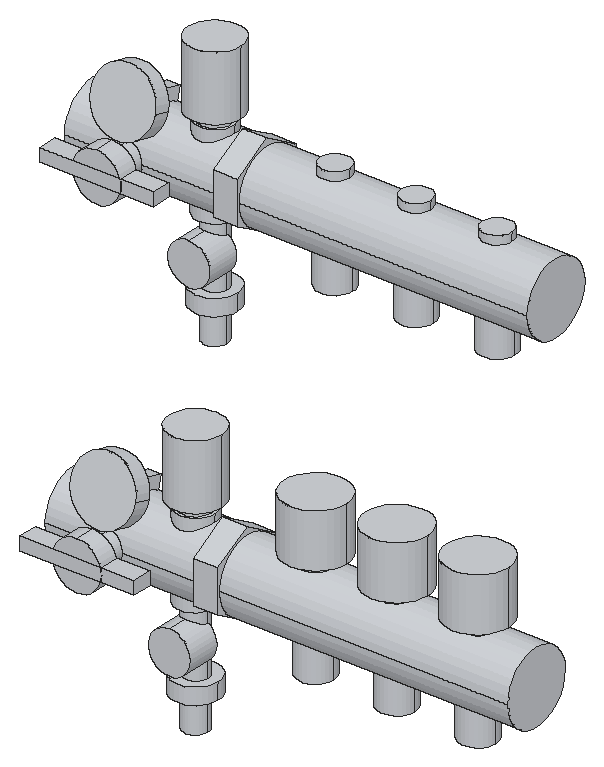
Revit family "318_dba5bdd3bf904ccfaea6eb69f10d75", category Pipe Accessories, Revit 2017
Family settings
  Round Connector Dimension = Use Diameter
  Part Type = Valve - Normal
  Work Plane-Based = No
  Always vertical = Yes
  Cut with Voids When Loaded = No
  Shared = No
Parameters (values of type "R553DK103")
  magi_piping_qv_2_3 [instance] = 0.0 L/s
  magi_piping_qv_2_2 [instance] = 0.0 L/s
  magi_piping_qv_2_1 [instance] = 0.0 L/s
  magi_piping_qv_1_3 [instance] = 0.0 L/s
  magi_piping_qv_1_2 [instance] = 0.0 L/s
  magi_piping_qv_1_1 [instance] = 0.0 L/s
  magi_piping_qv [instance] = 0.0 L/s
  magi_piping_power_3 [instance] = 0 W
  magi_piping_power_2 [instance] = 0 W
  magi_piping_power_1 [instance] = 0 W
  magi_piping_kv_3 [instance] = 0
  magi_piping_kv_2 [instance] = 0
  magi_piping_kv_1 [instance] = 0
  magi_piping_dpTot_3 [instance] = 0.0 Pa
  magi_piping_dpTot_2 [instance] = 0.0 Pa
  magi_piping_dpTot_1 [instance] = 0.0 Pa
  magi_adjustmentValue_3 [instance] = ""
  magi_adjustmentValue_2 [instance] = ""
  magi_adjustmentValue_1 [instance] = ""
  magiProductId = "dba5bdd3bf904ccfaea6eb69f10d75"
  magiProductFamilyId = "dba5bdd3bf904ccfaea6eb69f10d75"
  magiProductCode = "R553DK103"
  magiPartTypeId = 318
  Y = 15 mm
  VersionID = "2.0/2016.10.37.0/GIACOMINI_R553DK_001"
  URL = "http://www.giacomini.com/en"
  SMP = 25 mm
  SBP9 = 18 mm
  SBP8 = 18 mm
  SBP7 = 18 mm
  SBP6 = 18 mm
  SBP5 = 18 mm
  SBP4 = 18 mm
  SBP3 = 18 mm
  SBP2 = 18 mm
  SBP12 = 18 mm
  SBP11 = 18 mm
  SBP10 = 18 mm
  SBP1 = 18 mm
  RMP = 25 mm
  RBP9 = 18 mm
  RBP8 = 18 mm
  RBP7 = 18 mm
  RBP6 = 18 mm
  RBP5 = 18 mm
  RBP4 = 18 mm
  RBP3 = 18 mm
  RBP2 = 18 mm
  RBP12 = 18 mm
  RBP11 = 18 mm
  RBP10 = 18 mm
  RBP1 = 18 mm
  R2 = 22 mm
  QmdConnectorList = "321;SMP;322;SBP1;323;SBP2;324;SBP3;351;RMP;352;RBP1;353;RBP2;354;RBP3"
  Productdata [instance] = "© Progman Oy, all rights reserved"
  N9 = no
  N8 = no
  N7 = no
  N6 = no
  N5 = no
  N4 = no
  N3 = yes
  N12 = no
  N11 = no
  N10 = no
  Manufacturer = "Giacomini"
  MC_Default_elevation = 0 mm
  L = 285 mm
  I = 50 mm
  H5 = 33 mm
  H4 = 5 mm
  H3__ve = -H3  # -40 mm
  H3 = 40 mm
  H11 = 5 mm
  Flow supply main [instance] = Flow supply 1 + Flow supply 2 + Flow supply 3  # 0.0 L/s
  Flow supply 3 [instance] = 0.0 L/s
  Flow supply 2 [instance] = 0.0 L/s
  Flow supply 1 [instance] = 0.0 L/s
  Flow return main [instance] = Flow return 1 + Flow return 2 + Flow return 3  # 0.0 L/s
  Flow return 3 [instance] = 0.0 L/s
  Flow return 2 [instance] = 0.0 L/s
  Flow return 1 [instance] = 0.0 L/s
  E = 208 mm
  Description = "PREASSEMBLED MANIFOLD KIT"
  D5 = 38 mm
  D4 = 22 mm
  D31 = 18 mm
  D2 = 44 mm
  CAT0 = yes
  A = 149 mm
Reference planes
  plane 1 "Center (Front/Back)": y = 0
  plane 2 "XYPLANE": z = 0
  plane 3 "Center (Left/Right)": x = 0
  plane 4 "INIT_TEMP": y = 100
  plane 5 "379": x = 699
  plane 6 "378": x = 649
  plane 7 "377": x = 599
  plane 8 "376": x = 549
  plane 9 "375": x = 499
  plane 10 "374": x = 449
  plane 11 "373": x = 399
  plane 12 "372": x = 349
  plane 13 "371": x = 299
  plane 14 "369": x = 249
  plane 15 "368": x = 199
  plane 16 "367": x = 149
  plane 17 "366": z = 22
  plane 18 "365": z = 0
  plane 19 "364": z = -208
  plane 20 "363": y = -15
  plane 21 "362": y = 0
  plane 22 "361": x = 0
  plane 23 "360": z = -40
  plane 24 "359": z = -186
  plane 25 "358": z = -181
  plane 26 "357": z = -248
  plane 27 "356": x = 75
  plane 28 "355": z = 26
  plane 29 "354": x = 92
  plane 30 "353": z = 31
  plane 31 "352": z = -26
  plane 32 "351": z = -46
  plane 33 "350": z = -66
  plane 34 "349": z = 30
  plane 35 "348": x = 38
  plane 36 "347": y = -33
  plane 37 "346": z = 30
  plane 38 "345": y = -15
  plane 39 "344": z = -182
  plane 40 "343": z = -177
  plane 41 "342": z = -234
  plane 42 "341": z = -254
  plane 43 "340": z = -274
  plane 44 "339": z = -178
  plane 45 "338": y = -30
  plane 46 "337": z = -178
  plane 47 "336": y = -48
  plane 48 "1055": through (-712, 0, 30) normal (0, 0.2588, 0.9659)
  plane 49 "1056": through (-712, -15, 30) normal (0, -0.9659, 0.2588)
  plane 50 "1057": through (-712, -30, -178) normal (0, 0.9659, -0.2588)
  plane 51 "1058": through (-712, -15, -178) normal (0, -0.2588, -0.9659)
Forms (mm)
  Extrusion 1, solid, visible <- "N12"
    sketch origin (-750, 0, 22) x (1, 0, 0) y (0, 1, 0)
      loop
        circle (1449, 0) r 9
    from 0 to 5 <- "H11"
  Extrusion 2, solid, visible <- "N11"
    sketch origin (-750, 0, 22) x (1, 0, 0) y (0, 1, 0)
      loop
        circle (1399, 0) r 9
    from 0 to 5 <- "H11"
  Extrusion 3, solid, visible <- "N9"
    sketch origin (-750, 0, 22) x (1, 0, 0) y (0, 1, 0)
      loop
        circle (1299, 0) r 9
    from 0 to 5 <- "H11"
  Extrusion 4, solid, visible <- "N10"
    sketch origin (-750, 0, 22) x (1, 0, 0) y (0, 1, 0)
      loop
        circle (1349, 0) r 9
    from 0 to 5 <- "H11"
  Extrusion 5, solid, visible <- "N8"
    sketch origin (-750, 0, 22) x (1, 0, 0) y (0, 1, 0)
      loop
        circle (1249, 0) r 9
    from 0 to 5 <- "H11"
  Extrusion 6, solid, visible <- "N7"
    sketch origin (-750, 0, 22) x (1, 0, 0) y (0, 1, 0)
      loop
        circle (1199, 0) r 9
    from 0 to 5 <- "H11"
  Extrusion 7, solid, visible <- "N6"
    sketch origin (-750, 0, 22) x (1, 0, 0) y (0, 1, 0)
      loop
        circle (1149, 0) r 9
    from 0 to 5 <- "H11"
  Extrusion 8, solid, visible <- "N5"
    sketch origin (-750, 0, 22) x (1, 0, 0) y (0, 1, 0)
      loop
        circle (1099, 0) r 9
    from 0 to 5 <- "H11"
  Extrusion 9, solid, visible <- "N4"
    sketch origin (-750, 0, 22) x (1, 0, 0) y (0, 1, 0)
      loop
        circle (1049, 0) r 9
    from 0 to 5 <- "H11"
  Extrusion 10, solid, visible <- "N3"
    sketch origin (-750, 0, 22) x (1, 0, 0) y (0, 1, 0)
      loop
        circle (999, 0) r 9
    from 0 to 5 <- "H11"
  Extrusion 11, solid
    sketch origin (-750, 0, 22) x (1, 0, 0) y (0, 1, 0)
      loop
        circle (949, 0) r 9
    from 0 to 5 <- "H11"
  Extrusion 12, solid
    sketch origin (-750, 0, 22) x (1, 0, 0) y (0, 1, 0)
      loop
        circle (899, 0) r 9
    from 0 to 5 <- "H11"
  Extrusion 13, solid, visible <- "CAT0"
    sketch origin (0, -750, 0) x (0, 1, 0) y (0, 0, 1)
      loop
        circle (750, 0) r 22
    from 0 to 285 <- "L"
  Extrusion 14, solid
    sketch origin (-750, 0, 0) x (1, 0, 0) y (0, 1, 0)
      loop
        circle (899, 0) r 11
    from 0 to -40 <- "H3__ve"
  Extrusion 15, solid
    sketch origin (-750, 0, 0) x (1, 0, 0) y (0, 1, 0)
      loop
        circle (949, 0) r 11
    from 0 to -40 <- "H3__ve"
  Extrusion 16, solid, visible <- "N3"
    sketch origin (-750, 0, 0) x (1, 0, 0) y (0, 1, 0)
      loop
        circle (999, 0) r 11
    from 0 to -40 <- "H3__ve"
  Extrusion 17, solid, visible <- "N4"
    sketch origin (-750, 0, 0) x (1, 0, 0) y (0, 1, 0)
      loop
        circle (1049, 0) r 11
    from 0 to -40 <- "H3__ve"
  Extrusion 18, solid, visible <- "N5"
    sketch origin (-750, 0, 0) x (1, 0, 0) y (0, 1, 0)
      loop
        circle (1099, 0) r 11
    from 0 to -40 <- "H3__ve"
  Extrusion 19, solid, visible <- "N6"
    sketch origin (-750, 0, 0) x (1, 0, 0) y (0, 1, 0)
      loop
        circle (1149, 0) r 11
    from 0 to -40 <- "H3__ve"
  Extrusion 20, solid, visible <- "N7"
    sketch origin (-750, 0, 0) x (1, 0, 0) y (0, 1, 0)
      loop
        circle (1199, 0) r 11
    from 0 to -40 <- "H3__ve"
  Extrusion 21, solid, visible <- "N12"
    sketch origin (-750, 0, 0) x (1, 0, 0) y (0, 1, 0)
      loop
        circle (1449, 0) r 11
    from 0 to -40 <- "H3__ve"
  Extrusion 22, solid, visible <- "N11"
    sketch origin (-750, 0, 0) x (1, 0, 0) y (0, 1, 0)
      loop
        circle (1399, 0) r 11
    from 0 to -40 <- "H3__ve"
  Extrusion 23, solid, visible <- "N10"
    sketch origin (-750, 0, 0) x (1, 0, 0) y (0, 1, 0)
      loop
        circle (1349, 0) r 11
    from 0 to -40 <- "H3__ve"
  Extrusion 24, solid, visible <- "N9"
    sketch origin (-750, 0, 0) x (1, 0, 0) y (0, 1, 0)
      loop
        circle (1299, 0) r 11
    from 0 to -40 <- "H3__ve"
  Extrusion 25, solid, visible <- "N8"
    sketch origin (-750, 0, 0) x (1, 0, 0) y (0, 1, 0)
      loop
        circle (1249, 0) r 11
    from 0 to -40 <- "H3__ve"
  Extrusion 26, solid, visible <- "CAT0"
    sketch origin (0, -750, 0) x (0, 1, 0) y (0, 0, 1)
      loop
        circle (735, -208) r 22
    from 0 to 285 <- "L"
  Extrusion 27, solid
    sketch origin (-750, 0, -208) x (1, 0, 0) y (0, 1, 0)
      loop
        circle (949, -15) r 11
    from 0 to -40 <- "H3__ve"
  Extrusion 28, solid
    sketch origin (-750, 0, -208) x (1, 0, 0) y (0, 1, 0)
      loop
        circle (899, -15) r 11
    from 0 to -40 <- "H3__ve"
  Extrusion 29, solid, visible <- "N3"
    sketch origin (-750, 0, -208) x (1, 0, 0) y (0, 1, 0)
      loop
        circle (999, -15) r 11
    from 0 to -40 <- "H3__ve"
  Extrusion 30, solid
    sketch origin (-750, 0, -186) x (1, 0, 0) y (0, 1, 0)
      loop
        circle (899, -15) r 11
    from 0 to 5 <- "H4"
  Extrusion 31, solid
    sketch origin (-750, 0, -181) x (1, 0, 0) y (0, 1, 0)
      loop
        circle (899, -15) r 19
    from 0 to 33 <- "H5"
  Extrusion 32, solid
    sketch origin (-750, 0, -181) x (1, 0, 0) y (0, 1, 0)
      loop
        circle (949, -15) r 19
    from 0 to 33 <- "H5"
  Extrusion 33, solid
    sketch origin (-750, 0, -186) x (1, 0, 0) y (0, 1, 0)
      loop
        circle (949, -15) r 11
    from 0 to 5 <- "H4"
  Extrusion 34, solid, visible <- "N3"
    sketch origin (-750, 0, -186) x (1, 0, 0) y (0, 1, 0)
      loop
        circle (999, -15) r 11
    from 0 to 5 <- "H4"
  Extrusion 35, solid, visible <- "N3"
    sketch origin (-750, 0, -181) x (1, 0, 0) y (0, 1, 0)
      loop
        circle (999, -15) r 19
    from 0 to 33 <- "H5"
  Extrusion 36, solid, visible <- "N4"
    sketch origin (-750, 0, -181) x (1, 0, 0) y (0, 1, 0)
      loop
        circle (1049, -15) r 19
    from 0 to 33 <- "H5"
  Extrusion 37, solid, visible <- "N4"
    sketch origin (-750, 0, -186) x (1, 0, 0) y (0, 1, 0)
      loop
        circle (1049, -15) r 11
    from 0 to 5 <- "H4"
  Extrusion 38, solid, visible <- "N4"
    sketch origin (-750, 0, -208) x (1, 0, 0) y (0, 1, 0)
      loop
        circle (1049, -15) r 11
    from 0 to -40 <- "H3__ve"
  Extrusion 39, solid, visible <- "N5"
    sketch origin (-750, 0, -208) x (1, 0, 0) y (0, 1, 0)
      loop
        circle (1099, -15) r 11
    from 0 to -40 <- "H3__ve"
  Extrusion 40, solid, visible <- "N5"
    sketch origin (-750, 0, -186) x (1, 0, 0) y (0, 1, 0)
      loop
        circle (1099, -15) r 11
    from 0 to 5 <- "H4"
  Extrusion 41, solid, visible <- "N5"
    sketch origin (-750, 0, -181) x (1, 0, 0) y (0, 1, 0)
      loop
        circle (1099, -15) r 19
    from 0 to 33 <- "H5"
  Extrusion 42, solid, visible <- "N6"
    sketch origin (-750, 0, -181) x (1, 0, 0) y (0, 1, 0)
      loop
        circle (1149, -15) r 19
    from 0 to 33 <- "H5"
  Extrusion 43, solid, visible <- "N6"
    sketch origin (-750, 0, -186) x (1, 0, 0) y (0, 1, 0)
      loop
        circle (1149, -15) r 11
    from 0 to 5 <- "H4"
  Extrusion 44, solid, visible <- "N6"
    sketch origin (-750, 0, -208) x (1, 0, 0) y (0, 1, 0)
      loop
        circle (1149, -15) r 11
    from 0 to -40 <- "H3__ve"
  Extrusion 45, solid, visible <- "N7"
    sketch origin (-750, 0, -208) x (1, 0, 0) y (0, 1, 0)
      loop
        circle (1199, -15) r 11
    from 0 to -40 <- "H3__ve"
  Extrusion 46, solid, visible <- "N7"
    sketch origin (-750, 0, -186) x (1, 0, 0) y (0, 1, 0)
      loop
        circle (1199, -15) r 11
    from 0 to 5 <- "H4"
  Extrusion 47, solid, visible <- "N7"
    sketch origin (-750, 0, -181) x (1, 0, 0) y (0, 1, 0)
      loop
        circle (1199, -15) r 19
    from 0 to 33 <- "H5"
  Extrusion 48, solid, visible <- "N9"
    sketch origin (-750, 0, -181) x (1, 0, 0) y (0, 1, 0)
      loop
        circle (1299, -15) r 19
    from 0 to 33 <- "H5"
  Extrusion 49, solid, visible <- "N9"
    sketch origin (-750, 0, -186) x (1, 0, 0) y (0, 1, 0)
      loop
        circle (1299, -15) r 11
    from 0 to 5 <- "H4"
  Extrusion 50, solid, visible <- "N9"
    sketch origin (-750, 0, -208) x (1, 0, 0) y (0, 1, 0)
      loop
        circle (1299, -15) r 11
    from 0 to -40 <- "H3__ve"
  Extrusion 51, solid, visible <- "N8"
    sketch origin (-750, 0, -208) x (1, 0, 0) y (0, 1, 0)
      loop
        circle (1249, -15) r 11
    from 0 to -40 <- "H3__ve"
  Extrusion 52, solid, visible <- "N8"
    sketch origin (-750, 0, -186) x (1, 0, 0) y (0, 1, 0)
      loop
        circle (1249, -15) r 11
    from 0 to 5 <- "H4"
  Extrusion 53, solid, visible <- "N8"
    sketch origin (-750, 0, -181) x (1, 0, 0) y (0, 1, 0)
      loop
        circle (1249, -15) r 19
    from 0 to 33 <- "H5"
  Extrusion 54, solid, visible <- "N11"
    sketch origin (-750, 0, -181) x (1, 0, 0) y (0, 1, 0)
      loop
        circle (1399, -15) r 19
    from 0 to 33 <- "H5"
  Extrusion 55, solid, visible <- "N11"
    sketch origin (-750, 0, -186) x (1, 0, 0) y (0, 1, 0)
      loop
        circle (1399, -15) r 11
    from 0 to 5 <- "H4"
  Extrusion 56, solid, visible <- "N11"
    sketch origin (-750, 0, -208) x (1, 0, 0) y (0, 1, 0)
      loop
        circle (1399, -15) r 11
    from 0 to -40 <- "H3__ve"
  Extrusion 57, solid, visible <- "N12"
    sketch origin (-750, 0, -208) x (1, 0, 0) y (0, 1, 0)
      loop
        circle (1449, -15) r 11
    from 0 to -40 <- "H3__ve"
  Extrusion 58, solid, visible <- "N12"
    sketch origin (-750, 0, -186) x (1, 0, 0) y (0, 1, 0)
      loop
        circle (1449, -15) r 11
    from 0 to 5 <- "H4"
  Extrusion 59, solid, visible <- "N12"
    sketch origin (-750, 0, -181) x (1, 0, 0) y (0, 1, 0)
      loop
        circle (1449, -15) r 19
    from 0 to 33 <- "H5"
  Extrusion 60, solid, visible <- "N10"
    sketch origin (-750, 0, -181) x (1, 0, 0) y (0, 1, 0)
      loop
        circle (1349, -15) r 19
    from 0 to 33 <- "H5"
  Extrusion 61, solid, visible <- "N10"
    sketch origin (-750, 0, -186) x (1, 0, 0) y (0, 1, 0)
      loop
        circle (1349, -15) r 11
    from 0 to 5 <- "H4"
  Extrusion 62, solid, visible <- "N10"
    sketch origin (-750, 0, -208) x (1, 0, 0) y (0, 1, 0)
      loop
        circle (1349, -15) r 11
    from 0 to -40 <- "H3__ve"
  Extrusion 63, solid
    sketch origin (-750, 0, 26) x (1, 0, 0) y (0, 1, 0)
      loop
        circle (825, 0) r 12
    from 0 to -52
  Extrusion 64, solid
    sketch origin (92, -750, 0) x (0, 1, 0) y (0, 0, 1)
      loop
        line (750, 26) -> (727.483, 13) -> (727.483, -13) -> (750, -26) -> (772.517, -13) -> (772.517, 13) -> (750, 26)
    from 0 to 15
  Extrusion 65, solid
    sketch origin (-750, 0, 26) x (1, 0, 0) y (0, 1, 0)
      loop
        circle (825, 0) r 10
    from 0 to 5
  Extrusion 66, solid
    sketch origin (-750, 0, 31) x (1, 0, 0) y (0, 1, 0)
      loop
        circle (825, 0) r 16
    from 0 to 40
  Extrusion 67, solid
    sketch origin (-750, 0, -26) x (1, 0, 0) y (0, 1, 0)
      loop
        circle (825, 0) r 7.5
    from 0 to -70
  Extrusion 68, solid
    sketch origin (750, 0, 0) x (-1, 0, 0) y (0, 0, 1)
      loop
        circle (675, -46) r 13
    from 0 to -20
  Extrusion 69, solid
    sketch origin (-750, 0, -66) x (1, 0, 0) y (0, 1, 0)
      loop
        circle (825, 0) r 14
    from 0 to -10
  Extrusion 70, solid
    sketch origin (750, -33, 0) x (-1, 0, 0) y (0, 0, 1)
      loop
        circle (712, 0) r 15
    from 0 to -12
  Extrusion 71, solid
    sketch origin (-712, 0, 30) x (1, 0, 0) y (0, 0.965926, -0.258819)
      loop
        line (746, 15) -> (746, -15) -> (754, -15) -> (754, 15) -> (746, 15)
    from 0 to -18
  Extrusion 72, solid
    sketch origin (750, 0, 0) x (-1, 0, 0) y (0, 0, 1)
      loop
        circle (712, 0) r 9
    from 0 to -33
  Extrusion 73, solid
    sketch origin (750, -33, 0) x (-1, 0, 0) y (0, 0, 1)
      loop
        line (677, 4) -> (677, -4) -> (747, -4) -> (747, 4) -> (677, 4)
    from 0 to -12
  Extrusion 74, solid
    sketch origin (-712, -15, 30) x (1, 0, 0) y (0, 0.258819, 0.965926)
      loop
        circle (750, 0) r 20
    from 0 to 10
  Extrusion 75, solid
    sketch origin (-750, 0, -274) x (1, 0, 0) y (0, 1, 0)
      loop
        circle (825, -15) r 14
    from 0 to -10
  Extrusion 76, solid
    sketch origin (750, -15, 0) x (-1, 0, 0) y (0, 0, 1)
      loop
        circle (675, -254) r 13
    from 0 to -20
  Extrusion 77, solid
    sketch origin (-750, 0, -234) x (1, 0, 0) y (0, 1, 0)
      loop
        circle (825, -15) r 7.5
    from 0 to -70
  Extrusion 78, solid
    sketch origin (-750, 0, -177) x (1, 0, 0) y (0, 1, 0)
      loop
        circle (825, -15) r 16
    from 0 to 40
  Extrusion 79, solid
    sketch origin (-750, 0, -182) x (1, 0, 0) y (0, 1, 0)
      loop
        circle (825, -15) r 10
    from 0 to 5
  Extrusion 80, solid
    sketch origin (92, -750, 0) x (0, 1, 0) y (0, 0, 1)
      loop
        line (735, -182) -> (712.483, -195) -> (712.483, -221) -> (735, -234) -> (757.517, -221) -> (757.517, -195) -> (735, -182)
    from 0 to 15
  Extrusion 81, solid
    sketch origin (-750, 0, -182) x (1, 0, 0) y (0, 1, 0)
      loop
        circle (825, -15) r 12
    from 0 to -52
  Extrusion 82, solid
    sketch origin (-712, -30, -178) x (1, 0, 0) y (0, -0.258819, -0.965926)
      loop
        circle (750, 0) r 20
    from 0 to -10
  Extrusion 83, solid
    sketch origin (750, -48, 0) x (-1, 0, 0) y (0, 0, 1)
      loop
        line (677, -204) -> (677, -212) -> (747, -212) -> (747, -204) -> (677, -204)
    from 0 to -12
  Extrusion 84, solid
    sketch origin (750, -15, 0) x (-1, 0, 0) y (0, 0, 1)
      loop
        circle (712, -208) r 9
    from 0 to -33
  Extrusion 85, solid
    sketch origin (-712, -15, -178) x (1, 0, 0) y (0, -0.965926, 0.258819)
      loop
        line (746, -15) -> (754, -15) -> (754, 15) -> (746, 15) -> (746, -15)
    from 0 to 18
  Extrusion 86, solid
    sketch origin (750, -48, 0) x (-1, 0, 0) y (0, 0, 1)
      loop
        circle (712, -208) r 15
    from 0 to -12
  Extrusion 87, solid, not visible
    sketch origin (-750, 0, -40) x (1, 0, 0) y (0, 1, 0)
      loop
        circle (949, 0) r 10
    from 0 to 10
  Extrusion 88, solid, not visible
    sketch origin (-750, 0, -40) x (1, 0, 0) y (0, 1, 0)
      loop
        circle (899, 0) r 10
    from 0 to 10
  Extrusion 89, solid, not visible
    sketch origin (0, -750, 0) x (0, 1, 0) y (0, 0, 1)
      loop
        circle (735, -208) r 10
    from 0 to 10
  Extrusion 90, solid, not visible
    sketch origin (0, -750, 0) x (0, 1, 0) y (0, 0, 1)
      loop
        circle (750, 0) r 10
    from 0 to 10
  Extrusion 91, solid, not visible
    sketch origin (-750, 0, -40) x (1, 0, 0) y (0, 1, 0)
      loop
        circle (999, 0) r 10
    from 0 to 10
  Extrusion 92, solid, not visible
    sketch origin (-750, 0, -248) x (1, 0, 0) y (0, 1, 0)
      loop
        circle (999, -15) r 10
    from 0 to 10
  Extrusion 93, solid, not visible
    sketch origin (-750, 0, -248) x (1, 0, 0) y (0, 1, 0)
      loop
        circle (899, -15) r 10
    from 0 to 10
  Extrusion 94, solid, not visible
    sketch origin (-750, 0, -248) x (1, 0, 0) y (0, 1, 0)
      loop
        circle (949, -15) r 10
    from 0 to 10
Text (mm)
  text "© Progman Oy, all rights reserved" at (-472.209, -2482.653, 0), in view "Ref. Level"
Dimensions and locks
  plane 4 "INIT_TEMP" to plane 1 "Center (Front/Back)" = 100 mm
  "I": plane 6 "378" to plane 5 "379"
  "I": plane 7 "377" to plane 6 "378"
  "I": plane 8 "376" to plane 7 "377"
  "I": plane 9 "375" to plane 8 "376"
  "I": plane 10 "374" to plane 9 "375"
  "I": plane 11 "373" to plane 10 "374"
  "I": plane 12 "372" to plane 11 "373"
  "I": plane 13 "371" to plane 12 "372"
  "I": plane 14 "369" to plane 13 "371"
  "I": plane 15 "368" to plane 14 "369"
  "I": plane 16 "367" to plane 15 "368"
  "A": plane 3 "Center (Left/Right)" to plane 16 "367"
  "R2": plane 2 "XYPLANE" to plane 17 "366"
  locked: plane 2 "XYPLANE" to plane 18 "365"
  "E": plane 2 "XYPLANE" to plane 19 "364"
  "Y": plane 1 "Center (Front/Back)" to plane 20 "363"
  locked: plane 1 "Center (Front/Back)" to plane 21 "362"
  locked: plane 3 "Center (Left/Right)" to plane 22 "361"
  "H3": plane 2 "XYPLANE" to plane 23 "360"
  "R2": plane 19 "364" to plane 24 "359"
  "H4": plane 24 "359" to plane 25 "358"
  "H3": plane 19 "364" to plane 26 "357"
  locked: plane 3 "Center (Left/Right)" to plane 27 "356" at 75
  locked: plane 2 "XYPLANE" to plane 28 "355" at 26
  locked: plane 27 "356" to plane 29 "354" at 17
  locked: plane 28 "355" to plane 30 "353" at 5
  locked: plane 28 "355" to plane 31 "352" at 52
  locked: plane 31 "352" to plane 32 "351" at 20
  locked: plane 31 "352" to plane 33 "350" at 40
  locked: plane 2 "XYPLANE" to plane 34 "349" at 30
  locked: plane 3 "Center (Left/Right)" to plane 35 "348" at 38
  locked: plane 1 "Center (Front/Back)" to plane 36 "347" at 33
  locked: plane 2 "XYPLANE" to plane 37 "346" at 30
  locked: plane 1 "Center (Front/Back)" to plane 38 "345" at 15
  locked: plane 19 "364" to plane 39 "344" at 26
  locked: plane 39 "344" to plane 40 "343" at 5
  locked: plane 39 "344" to plane 41 "342" at 52
  locked: plane 41 "342" to plane 42 "341" at 20
  locked: plane 41 "342" to plane 43 "340" at 40
  locked: plane 19 "364" to plane 44 "339" at 30
  locked: plane 20 "363" to plane 45 "338" at 15
  locked: plane 19 "364" to plane 46 "337" at 30
  locked: plane 20 "363" to plane 47 "336" at 33
  "D31": diameter of Extrusion 1 sketch curve
  "D31": diameter of Extrusion 2 sketch curve
  "D31": diameter of Extrusion 3 sketch curve
  "D31": diameter of Extrusion 4 sketch curve
  "D31": diameter of Extrusion 5 sketch curve
  "D31": diameter of Extrusion 6 sketch curve
  "D31": diameter of Extrusion 7 sketch curve
  "D31": diameter of Extrusion 8 sketch curve
  "D31": diameter of Extrusion 9 sketch curve
  "D31": diameter of Extrusion 10 sketch curve
  "D31": diameter of Extrusion 11 sketch curve
  "D31": diameter of Extrusion 12 sketch curve
  "D2": diameter of Extrusion 13 sketch curve
  "D4": diameter of Extrusion 14 sketch curve
  "D4": diameter of Extrusion 15 sketch curve
  "D4": diameter of Extrusion 16 sketch curve
  "D4": diameter of Extrusion 17 sketch curve
  "D4": diameter of Extrusion 18 sketch curve
  "D4": diameter of Extrusion 19 sketch curve
  "D4": diameter of Extrusion 20 sketch curve
  "D4": diameter of Extrusion 21 sketch curve
  "D4": diameter of Extrusion 22 sketch curve
  "D4": diameter of Extrusion 23 sketch curve
  "D4": diameter of Extrusion 24 sketch curve
  "D4": diameter of Extrusion 25 sketch curve
  "D2": diameter of Extrusion 26 sketch curve
  "D4": diameter of Extrusion 27 sketch curve
  "D4": diameter of Extrusion 28 sketch curve
  "D4": diameter of Extrusion 29 sketch curve
  "D4": diameter of Extrusion 30 sketch curve
  "D5": diameter of Extrusion 31 sketch curve
  "D5": diameter of Extrusion 32 sketch curve
  "D4": diameter of Extrusion 33 sketch curve
  "D4": diameter of Extrusion 34 sketch curve
  "D5": diameter of Extrusion 35 sketch curve
  "D5": diameter of Extrusion 36 sketch curve
  "D4": diameter of Extrusion 37 sketch curve
  "D4": diameter of Extrusion 38 sketch curve
  "D4": diameter of Extrusion 39 sketch curve
  "D4": diameter of Extrusion 40 sketch curve
  "D5": diameter of Extrusion 41 sketch curve
  "D5": diameter of Extrusion 42 sketch curve
  "D4": diameter of Extrusion 43 sketch curve
  "D4": diameter of Extrusion 44 sketch curve
  "D4": diameter of Extrusion 45 sketch curve
  "D4": diameter of Extrusion 46 sketch curve
  "D5": diameter of Extrusion 47 sketch curve
  "D5": diameter of Extrusion 48 sketch curve
  "D4": diameter of Extrusion 49 sketch curve
  "D4": diameter of Extrusion 50 sketch curve
  "D4": diameter of Extrusion 51 sketch curve
  "D4": diameter of Extrusion 52 sketch curve
  "D5": diameter of Extrusion 53 sketch curve
  "D5": diameter of Extrusion 54 sketch curve
  "D4": diameter of Extrusion 55 sketch curve
  "D4": diameter of Extrusion 56 sketch curve
  "D4": diameter of Extrusion 57 sketch curve
  "D4": diameter of Extrusion 58 sketch curve
  "D5": diameter of Extrusion 59 sketch curve
  "D5": diameter of Extrusion 60 sketch curve
  "D4": diameter of Extrusion 61 sketch curve
  "D4": diameter of Extrusion 62 sketch curve
  aligned and locked: level to plane 2 "XYPLANE"
  aligned and locked: plane 5 "379" to Extrusion 1 sketch curve
  aligned and locked: plane 21 "362" to Extrusion 1 sketch curve
  aligned and locked: plane 6 "378" to Extrusion 2 sketch curve
  aligned and locked: plane 21 "362" to Extrusion 2 sketch curve
  aligned and locked: plane 8 "376" to Extrusion 3 sketch curve
  aligned and locked: plane 21 "362" to Extrusion 3 sketch curve
  aligned and locked: plane 7 "377" to Extrusion 4 sketch curve
  aligned and locked: plane 21 "362" to Extrusion 4 sketch curve
  aligned and locked: plane 9 "375" to Extrusion 5 sketch curve
  aligned and locked: plane 21 "362" to Extrusion 5 sketch curve
  aligned and locked: plane 10 "374" to Extrusion 6 sketch curve
  aligned and locked: plane 21 "362" to Extrusion 6 sketch curve
  aligned and locked: plane 11 "373" to Extrusion 7 sketch curve
  aligned and locked: plane 21 "362" to Extrusion 7 sketch curve
  aligned and locked: plane 12 "372" to Extrusion 8 sketch curve
  aligned and locked: plane 21 "362" to Extrusion 8 sketch curve
  aligned and locked: plane 13 "371" to Extrusion 9 sketch curve
  aligned and locked: plane 21 "362" to Extrusion 9 sketch curve
  aligned and locked: plane 14 "369" to Extrusion 10 sketch curve
  aligned and locked: plane 21 "362" to Extrusion 10 sketch curve
  aligned and locked: plane 15 "368" to Extrusion 11 sketch curve
  aligned and locked: plane 21 "362" to Extrusion 11 sketch curve
  aligned and locked: plane 16 "367" to Extrusion 12 sketch curve
  aligned and locked: plane 21 "362" to Extrusion 12 sketch curve
  aligned and locked: plane 18 "365" to Extrusion 13 sketch curve
  aligned and locked: Extrusion 13 sketch curve to plane 21 "362"
  aligned and locked: plane 16 "367" to Extrusion 14 sketch curve
  aligned and locked: plane 21 "362" to Extrusion 14 sketch curve
  aligned and locked: plane 15 "368" to Extrusion 15 sketch curve
  aligned and locked: plane 21 "362" to Extrusion 15 sketch curve
  aligned and locked: plane 14 "369" to Extrusion 16 sketch curve
  aligned and locked: plane 21 "362" to Extrusion 16 sketch curve
  aligned and locked: plane 13 "371" to Extrusion 17 sketch curve
  aligned and locked: plane 21 "362" to Extrusion 17 sketch curve
  aligned and locked: plane 12 "372" to Extrusion 18 sketch curve
  aligned and locked: plane 21 "362" to Extrusion 18 sketch curve
  aligned and locked: plane 11 "373" to Extrusion 19 sketch curve
  aligned and locked: plane 21 "362" to Extrusion 19 sketch curve
  aligned and locked: plane 10 "374" to Extrusion 20 sketch curve
  aligned and locked: plane 21 "362" to Extrusion 20 sketch curve
  aligned and locked: plane 5 "379" to Extrusion 21 sketch curve
  aligned and locked: plane 21 "362" to Extrusion 21 sketch curve
  aligned and locked: plane 6 "378" to Extrusion 22 sketch curve
  aligned and locked: plane 21 "362" to Extrusion 22 sketch curve
  aligned and locked: plane 7 "377" to Extrusion 23 sketch curve
  aligned and locked: plane 21 "362" to Extrusion 23 sketch curve
  aligned and locked: plane 8 "376" to Extrusion 24 sketch curve
  aligned and locked: plane 21 "362" to Extrusion 24 sketch curve
  aligned and locked: plane 9 "375" to Extrusion 25 sketch curve
  aligned and locked: plane 21 "362" to Extrusion 25 sketch curve
  aligned and locked: plane 19 "364" to Extrusion 26 sketch curve
  aligned and locked: Extrusion 26 sketch curve to plane 20 "363"
  aligned and locked: plane 15 "368" to Extrusion 27 sketch curve
  aligned and locked: plane 20 "363" to Extrusion 27 sketch curve
  aligned and locked: plane 16 "367" to Extrusion 28 sketch curve
  aligned and locked: plane 20 "363" to Extrusion 28 sketch curve
  aligned and locked: plane 14 "369" to Extrusion 29 sketch curve
  aligned and locked: plane 20 "363" to Extrusion 29 sketch curve
  aligned and locked: plane 16 "367" to Extrusion 30 sketch curve
  aligned and locked: plane 20 "363" to Extrusion 30 sketch curve
  aligned and locked: plane 16 "367" to Extrusion 31 sketch curve
  aligned and locked: plane 20 "363" to Extrusion 31 sketch curve
  aligned and locked: plane 15 "368" to Extrusion 32 sketch curve
  aligned and locked: plane 20 "363" to Extrusion 32 sketch curve
  aligned and locked: plane 15 "368" to Extrusion 33 sketch curve
  aligned and locked: plane 20 "363" to Extrusion 33 sketch curve
  aligned and locked: plane 14 "369" to Extrusion 34 sketch curve
  aligned and locked: plane 20 "363" to Extrusion 34 sketch curve
  aligned and locked: plane 14 "369" to Extrusion 35 sketch curve
  aligned and locked: plane 20 "363" to Extrusion 35 sketch curve
  aligned and locked: plane 13 "371" to Extrusion 36 sketch curve
  aligned and locked: plane 20 "363" to Extrusion 36 sketch curve
  aligned and locked: plane 13 "371" to Extrusion 37 sketch curve
  aligned and locked: plane 20 "363" to Extrusion 37 sketch curve
  aligned and locked: plane 13 "371" to Extrusion 38 sketch curve
  aligned and locked: plane 20 "363" to Extrusion 38 sketch curve
  aligned and locked: plane 12 "372" to Extrusion 39 sketch curve
  aligned and locked: plane 20 "363" to Extrusion 39 sketch curve
  aligned and locked: plane 12 "372" to Extrusion 40 sketch curve
  aligned and locked: plane 20 "363" to Extrusion 40 sketch curve
  aligned and locked: plane 12 "372" to Extrusion 41 sketch curve
  aligned and locked: plane 20 "363" to Extrusion 41 sketch curve
  aligned and locked: plane 11 "373" to Extrusion 42 sketch curve
  aligned and locked: plane 20 "363" to Extrusion 42 sketch curve
  aligned and locked: plane 11 "373" to Extrusion 43 sketch curve
  aligned and locked: plane 20 "363" to Extrusion 43 sketch curve
  aligned and locked: plane 11 "373" to Extrusion 44 sketch curve
  aligned and locked: plane 20 "363" to Extrusion 44 sketch curve
  aligned and locked: plane 10 "374" to Extrusion 45 sketch curve
  aligned and locked: plane 20 "363" to Extrusion 45 sketch curve
  aligned and locked: plane 10 "374" to Extrusion 46 sketch curve
  aligned and locked: plane 20 "363" to Extrusion 46 sketch curve
  aligned and locked: plane 10 "374" to Extrusion 47 sketch curve
  aligned and locked: plane 20 "363" to Extrusion 47 sketch curve
  aligned and locked: plane 8 "376" to Extrusion 48 sketch curve
  aligned and locked: plane 20 "363" to Extrusion 48 sketch curve
  aligned and locked: plane 8 "376" to Extrusion 49 sketch curve
  aligned and locked: plane 20 "363" to Extrusion 49 sketch curve
  aligned and locked: plane 8 "376" to Extrusion 50 sketch curve
  aligned and locked: plane 20 "363" to Extrusion 50 sketch curve
  aligned and locked: plane 9 "375" to Extrusion 51 sketch curve
  aligned and locked: plane 20 "363" to Extrusion 51 sketch curve
  aligned and locked: plane 9 "375" to Extrusion 52 sketch curve
  aligned and locked: plane 20 "363" to Extrusion 52 sketch curve
  aligned and locked: plane 9 "375" to Extrusion 53 sketch curve
  aligned and locked: plane 20 "363" to Extrusion 53 sketch curve
  aligned and locked: plane 6 "378" to Extrusion 54 sketch curve
  aligned and locked: plane 20 "363" to Extrusion 54 sketch curve
  aligned and locked: plane 6 "378" to Extrusion 55 sketch curve
  aligned and locked: plane 20 "363" to Extrusion 55 sketch curve
  aligned and locked: plane 6 "378" to Extrusion 56 sketch curve
  aligned and locked: plane 20 "363" to Extrusion 56 sketch curve
  aligned and locked: plane 5 "379" to Extrusion 57 sketch curve
  aligned and locked: plane 20 "363" to Extrusion 57 sketch curve
  aligned and locked: plane 5 "379" to Extrusion 58 sketch curve
  aligned and locked: plane 20 "363" to Extrusion 58 sketch curve
  aligned and locked: plane 5 "379" to Extrusion 59 sketch curve
  aligned and locked: plane 20 "363" to Extrusion 59 sketch curve
  aligned and locked: plane 7 "377" to Extrusion 60 sketch curve
  aligned and locked: plane 20 "363" to Extrusion 60 sketch curve
  aligned and locked: plane 7 "377" to Extrusion 61 sketch curve
  aligned and locked: plane 20 "363" to Extrusion 61 sketch curve
  aligned and locked: plane 7 "377" to Extrusion 62 sketch curve
  aligned and locked: plane 20 "363" to Extrusion 62 sketch curve
  aligned and locked: plane 21 "362" to Extrusion 63 sketch curve
  aligned and locked: plane 27 "356" to Extrusion 63 sketch curve
  aligned and locked: plane 21 "362" to Extrusion 65 sketch curve
  aligned and locked: plane 27 "356" to Extrusion 65 sketch curve
  aligned and locked: plane 21 "362" to Extrusion 66 sketch curve
  aligned and locked: plane 27 "356" to Extrusion 66 sketch curve
  aligned and locked: plane 21 "362" to Extrusion 67 sketch curve
  aligned and locked: plane 27 "356" to Extrusion 67 sketch curve
  aligned and locked: plane 27 "356" to Extrusion 68 sketch curve
  aligned and locked: plane 32 "351" to Extrusion 68 sketch curve
  aligned and locked: plane 21 "362" to Extrusion 69 sketch curve
  aligned and locked: plane 27 "356" to Extrusion 69 sketch curve
  aligned and locked: plane 18 "365" to Extrusion 70 sketch curve
  aligned and locked: plane 35 "348" to Extrusion 70 sketch curve
  aligned and locked: plane 18 "365" to Extrusion 72 sketch curve
  aligned and locked: plane 35 "348" to Extrusion 72 sketch curve
  aligned and locked: plane 35 "348" to Extrusion 74 sketch curve
  aligned and locked: plane 20 "363" to Extrusion 75 sketch curve
  aligned and locked: plane 27 "356" to Extrusion 75 sketch curve
  aligned and locked: plane 27 "356" to Extrusion 76 sketch curve
  aligned and locked: plane 42 "341" to Extrusion 76 sketch curve
  aligned and locked: plane 20 "363" to Extrusion 77 sketch curve
  aligned and locked: plane 27 "356" to Extrusion 77 sketch curve
  aligned and locked: plane 20 "363" to Extrusion 78 sketch curve
  aligned and locked: plane 27 "356" to Extrusion 78 sketch curve
  aligned and locked: plane 20 "363" to Extrusion 79 sketch curve
  aligned and locked: plane 27 "356" to Extrusion 79 sketch curve
  aligned and locked: plane 20 "363" to Extrusion 81 sketch curve
  aligned and locked: plane 27 "356" to Extrusion 81 sketch curve
  aligned and locked: plane 35 "348" to Extrusion 82 sketch curve
  aligned and locked: plane 19 "364" to Extrusion 84 sketch curve
  aligned and locked: plane 35 "348" to Extrusion 84 sketch curve
  aligned and locked: plane 19 "364" to Extrusion 86 sketch curve
  aligned and locked: plane 35 "348" to Extrusion 86 sketch curve
  aligned and locked: plane 15 "368" to Extrusion 87 sketch curve
  aligned and locked: plane 21 "362" to Extrusion 87 sketch curve
  aligned and locked: plane 16 "367" to Extrusion 88 sketch curve
  aligned and locked: plane 21 "362" to Extrusion 88 sketch curve
  aligned and locked: plane 19 "364" to Extrusion 89 sketch curve
  aligned and locked: Extrusion 89 sketch curve to plane 20 "363"
  aligned and locked: plane 18 "365" to Extrusion 90 sketch curve
  aligned and locked: Extrusion 90 sketch curve to plane 21 "362"
  aligned and locked: plane 14 "369" to Extrusion 91 sketch curve
  aligned and locked: plane 21 "362" to Extrusion 91 sketch curve
  aligned and locked: plane 14 "369" to Extrusion 92 sketch curve
  aligned and locked: plane 20 "363" to Extrusion 92 sketch curve
  aligned and locked: plane 16 "367" to Extrusion 93 sketch curve
  aligned and locked: plane 20 "363" to Extrusion 93 sketch curve
  aligned and locked: plane 15 "368" to Extrusion 94 sketch curve
  aligned and locked: plane 20 "363" to Extrusion 94 sketch curve
Automatic sketch dimensions
  Extrusion 63 sketch curve to plane 27 "356" = 12 mm
  Extrusion 64 sketch curve to plane 1 "Center (Front/Back)" = 0 mm  (x2)
  Extrusion 64 sketch curve to plane 31 "352" = 0 mm
  Extrusion 64 sketch curve to plane 28 "355" = 0 mm
  plane 45 "338" to Extrusion 64 sketch curve = 7.483 mm
  Extrusion 64 sketch curve to plane 17 "366" = 9 mm  (x2)
  Extrusion 64 sketch curve to plane 1 "Center (Front/Back)" = 22.517 mm
  Extrusion 64 sketch curve to level = 13 mm  (x2)
  Extrusion 65 sketch curve to plane 27 "356" = 10 mm
  Extrusion 66 sketch curve to plane 27 "356" = 16 mm
  Extrusion 67 sketch curve to plane 27 "356" = 7.5 mm
  plane 33 "350" to Extrusion 68 sketch curve = 7 mm
  Extrusion 69 sketch curve to plane 27 "356" = 14 mm
  plane 31 "352" to Extrusion 70 sketch curve = 11 mm
  Extrusion 71 sketch curve to plane 35 "348" = 4 mm
  plane 49 "1056" to Extrusion 71 sketch curve = 0.511 mm
  plane 35 "348" to Extrusion 71 sketch curve = 4 mm
  Extrusion 71 sketch curve to plane 50 "1057" = 9.857 mm
  Extrusion 72 sketch curve to level = 9 mm
  Extrusion 73 sketch curve to plane 27 "356" = 2 mm
  plane 3 "Center (Left/Right)" to Extrusion 73 sketch curve = 3 mm
  Extrusion 73 sketch curve to level = 4 mm
  level to Extrusion 73 sketch curve = 4 mm
  Extrusion 74 sketch curve to plane 48 "1055" = 3.882 mm
  plane 3 "Center (Left/Right)" to Extrusion 74 sketch curve = 18 mm
  Extrusion 75 sketch curve to plane 27 "356" = 14 mm
  plane 43 "340" to Extrusion 76 sketch curve = 7 mm
  Extrusion 77 sketch curve to plane 27 "356" = 7.5 mm
  Extrusion 78 sketch curve to plane 27 "356" = 16 mm
  Extrusion 79 sketch curve to plane 27 "356" = 10 mm
  Extrusion 80 sketch curve to plane 20 "363" = 0 mm  (x2)
  Extrusion 80 sketch curve to plane 41 "342" = 0 mm
  Extrusion 80 sketch curve to plane 39 "344" = 0 mm
  Extrusion 80 sketch curve to plane 36 "347" = 4.517 mm
  Extrusion 80 sketch curve to plane 1 "Center (Front/Back)" = 7.517 mm
  Extrusion 80 sketch curve to plane 19 "364" = 13 mm  (x2)
  Extrusion 80 sketch curve to plane 24 "359" = 9 mm  (x2)
  Extrusion 81 sketch curve to plane 27 "356" = 12 mm
  plane 51 "1058" to Extrusion 82 sketch curve = 3.882 mm
  plane 3 "Center (Left/Right)" to Extrusion 82 sketch curve = 18 mm
  Extrusion 83 sketch curve to plane 27 "356" = 2 mm
  plane 3 "Center (Left/Right)" to Extrusion 83 sketch curve = 3 mm
  Extrusion 83 sketch curve to plane 19 "364" = 4 mm
  plane 19 "364" to Extrusion 83 sketch curve = 4 mm
  Extrusion 84 sketch curve to plane 19 "364" = 9 mm
  Extrusion 85 sketch curve to plane 35 "348" = 4 mm
  Extrusion 85 sketch curve to plane 50 "1057" = 0.511 mm
  plane 35 "348" to Extrusion 85 sketch curve = 4 mm
  plane 50 "1057" to Extrusion 85 sketch curve = 29.489 mm
  plane 41 "342" to Extrusion 86 sketch curve = 11 mm
  plane 20 "363" to Extrusion 87 sketch curve = 5 mm
  plane 20 "363" to Extrusion 88 sketch curve = 5 mm
  plane 45 "338" to Extrusion 89 sketch curve = 5 mm
  plane 20 "363" to Extrusion 90 sketch curve = 5 mm
  plane 20 "363" to Extrusion 91 sketch curve = 5 mm
  plane 45 "338" to Extrusion 92 sketch curve = 5 mm
  plane 45 "338" to Extrusion 93 sketch curve = 5 mm
  plane 45 "338" to Extrusion 94 sketch curve = 5 mm
Connectors
  piping at (0, 0, 0), diameter 25, driven by "Flow supply main", driven by "SMP"
    settings: on Extrusion 90, index 1, connector inside diameter 609.6 mm, connector length 0 mm, flow factor 0, pipe flow 0.0 L/s, pressure drop 0.0 Pa, fitting loss kfactor 0, connector angle 0.00°, fixture units 0, engagement length 0 mm, angle of deflection 0.00°, flow configuration 1, flow direction 1, fitting loss method 0, system type 7, joint type 0, gender type 0, connector reference index -1, connector utility 0, adjustable connector no, is connector primary yes, connector description "Main_1_1"
  piping at (149, 0, -40), diameter 18, driven by "Flow supply 1", driven by "SBP1"
    settings: on Extrusion 88, index 2, connector inside diameter 609.6 mm, connector length 0 mm, flow factor 0, pipe flow 0.0 L/s, pressure drop 0.0 Pa, fitting loss kfactor 0, connector angle 0.00°, fixture units 0, engagement length 0 mm, angle of deflection 0.00°, flow configuration 0, flow direction 2, fitting loss method 0, system type 7, joint type 0, gender type 0, connector reference index -1, connector utility 0, adjustable connector no, is connector primary no, connector description "Branch_1_1"
  piping at (199, 0, -40), diameter 18, driven by "Flow supply 2", driven by "SBP2"
    settings: on Extrusion 87, index 3, connector inside diameter 609.6 mm, connector length 0 mm, flow factor 0, pipe flow 0.0 L/s, pressure drop 0.0 Pa, fitting loss kfactor 0, connector angle 0.00°, fixture units 0, engagement length 0 mm, angle of deflection 0.00°, flow configuration 0, flow direction 2, fitting loss method 0, system type 7, joint type 0, gender type 0, connector reference index -1, connector utility 0, adjustable connector no, is connector primary no, connector description "Branch_1_2"
  piping at (249, 0, -40), diameter 18, driven by "Flow supply 3", driven by "SBP3"
    settings: on Extrusion 91, index 4, connector inside diameter 609.6 mm, connector length 0 mm, flow factor 0, pipe flow 0.0 L/s, pressure drop 0.0 Pa, fitting loss kfactor 0, connector angle 0.00°, fixture units 0, engagement length 0 mm, angle of deflection 0.00°, flow configuration 0, flow direction 2, fitting loss method 0, system type 7, joint type 0, gender type 0, connector reference index -1, connector utility 0, adjustable connector no, is connector primary no, connector description "Branch_1_3"
  piping at (0, -15, -208), diameter 25, driven by "Flow return main", driven by "RMP"
    settings: on Extrusion 89, index 5, connector inside diameter 609.6 mm, connector length 0 mm, flow factor 0, pipe flow 0.0 L/s, pressure drop 0.0 Pa, fitting loss kfactor 0, connector angle 0.00°, fixture units 0, engagement length 0 mm, angle of deflection 0.00°, flow configuration 1, flow direction 2, fitting loss method 0, system type 8, joint type 0, gender type 0, connector reference index -1, connector utility 0, adjustable connector no, is connector primary no, connector description "Main_2_1"
  piping at (149, -15, -248), diameter 18, driven by "Flow return 1", driven by "RBP1"
    settings: on Extrusion 93, index 6, connector inside diameter 609.6 mm, connector length 0 mm, flow factor 0, pipe flow 0.0 L/s, pressure drop 0.0 Pa, fitting loss kfactor 0, connector angle 0.00°, fixture units 0, engagement length 0 mm, angle of deflection 0.00°, flow configuration 0, flow direction 1, fitting loss method 0, system type 8, joint type 0, gender type 0, connector reference index -1, connector utility 0, adjustable connector no, is connector primary no, connector description "Branch_2_1"
  piping at (199, -15, -248), diameter 18, driven by "Flow return 2", driven by "RBP2"
    settings: on Extrusion 94, index 7, connector inside diameter 609.6 mm, connector length 0 mm, flow factor 0, pipe flow 0.0 L/s, pressure drop 0.0 Pa, fitting loss kfactor 0, connector angle 0.00°, fixture units 0, engagement length 0 mm, angle of deflection 0.00°, flow configuration 0, flow direction 1, fitting loss method 0, system type 8, joint type 0, gender type 0, connector reference index -1, connector utility 0, adjustable connector no, is connector primary no, connector description "Branch_2_2"
  piping at (249, -15, -248), diameter 18, driven by "Flow return 3", driven by "RBP3"
    settings: on Extrusion 92, index 8, connector inside diameter 609.6 mm, connector length 0 mm, flow factor 0, pipe flow 0.0 L/s, pressure drop 0.0 Pa, fitting loss kfactor 0, connector angle 0.00°, fixture units 0, engagement length 0 mm, angle of deflection 0.00°, flow configuration 0, flow direction 1, fitting loss method 0, system type 8, joint type 0, gender type 0, connector reference index -1, connector utility 0, adjustable connector no, is connector primary no, connector description "Branch_2_3"
